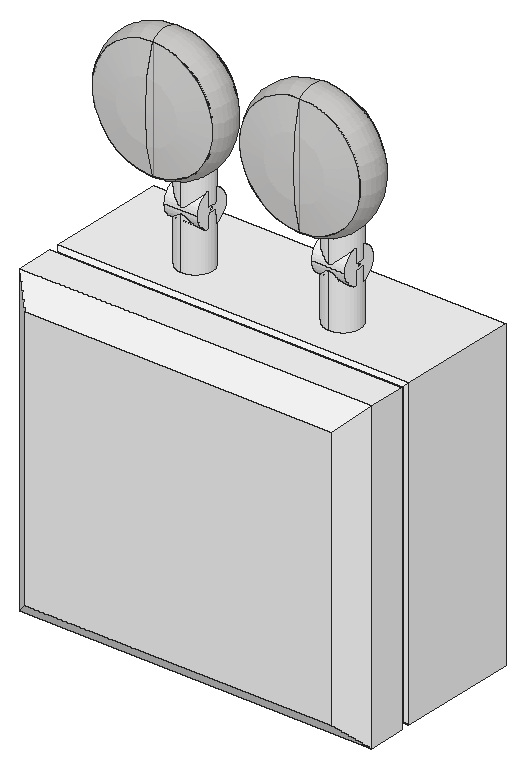
Revit family "CU2W", category Lighting Fixtures, host Face, Revit 2021
Family settings
  Host = Face
  Round Connector Dimension = Use Diameter
  Part Type = Normal
  OmniClass Number = 23.80.70.11.11
  OmniClass Title = General Luminaries, Non Directional
  Cut with Voids When Loaded = No
  Light Source = No
  Shared = No
  Room Calculation Point = No
Parameters (values of type "CU2W")
  Wattage Comments = "2.7W"
  Warranty = "2 year full unit warranty"
  URL = "https://www.currentlighting.com/compass"
  Type Comments = "Light Fixture"  # constant formula
  Steel = Metal-Galvanized_Steel
  Product Page URL = ""
  Product Doucumentation Link = ""
  Model = "CU2W"
  Manufacturer = "Compass Products "  # constant formula
  Lamp = "LED"
  Certification = "UL924 Damp Listed, NFPA 101 and NFPA 70"
  Glass = Glass - White
  Features = "\t LED life-cycle of more than 10 years\r\n•\t Quick installation\r\n•\t Dual-voltage 120 or 277V AC input\r\n•\t Includes long-life 9.6VDC Nickel Cadmium battery\r\nfor UL recognized 90 minute operation\r\n•\t Remote capacity or extended runtime option\r\n•\t Wet Location Listed (0°C to 50°C)\r\n•\t Fully adjustable lamp-heads\r\n•\t Provided with water-proof test switch and\r\nAC-On indicator"  # constant formula
  Description = "Emergency lighting fixture combining LED performance and value with a compact and attractive wet location LED based emergency light."
  Default Elevation = 48.00"
  Copyrights = "© Compass Lighting"
  Contact Us = ""
  Body = Paint -  Matte White
  Apparent Load = 2.7 VA
Reference planes (in)
  plane 1 "Center (Front/Back)": y = 0
  plane 2: z = 0
  plane 3 "Center (Left/Right)": x = 0
  plane 4: x = -4
  plane 5: x = 4
  plane 6: y = 2.3
  plane 7: y = -2.3
  plane 8: z = 12.2
Forms (in)
  Extrusion 1, solid, material "Paint -  Matte White" <- "Body"
    sketch origin (0, 0, 0) x (1, 0, 0) y (0, 1, 0)
      loop
        line (-4, 2.3) -> (-4, -2.3) -> (4, -2.3) -> (4, 2.3) -> (-4, 2.3)
    from 0 to 6.97662
  Sweep 2, void
    path in 3D
      loop
        line (4, -2.3, 6.97662) -> (4, -2.3, 0) -> (-4, -2.3, 0) -> (-4, -2.3, 6.97662) -> (4, -2.3, 6.97662)
    profile origin (0, -2.3, 6.97662) x (0, 1, 0) y (0, 0, 1)
      loop
        line (0, 0) -> (0, -0.5) -> (0.5, 0) -> (0, 0)
      loop
        line (1.35243, 0) -> (1.4297, -0.07727) -> (1.49423, -0.07727) -> (1.5715, 0) -> (1.35243, 0)
      loop
        line (4.61175, 0) -> (4.31898, 0) -> (4.61175, -0.29277) -> (4.61175, 0)
Cuts and joins
  Sweep 2 cuts Extrusion 1
Lines and regions (in)
  sketch lines
    curve 1: line (-4, -2.3, 6.97662) -> (4, -2.3, 6.97662)
    curve 2: line (4, -2.3, 6.97662) -> (4, -2.3, 0)
    curve 3: line (4, -2.3, 0) -> (-4, -2.3, 0)
    curve 4: line (-4, -2.3, 6.97662) -> (-4, -2.3, 0)
Dimensions and locks (in)
  plane 8 to level = 12.20"
  plane 6 to plane 7 = 4.60"
  plane 7 to plane 6 = 4.60"
  aligned and locked: plane 2 to host face
  aligned and locked: level to host face
Nested families (in)
  nested 1: "Family1" at (-1.68691, 0.29741, 6.92165), type "Family1"
  nested 2: "Family1" at (1.68691, 0.29741, 6.94367) x (-1, 0, 0) z (0, 0, 1), type "Family1"
Connectors (in)
  electrical at (0, 0.91087, 0)
    settings: on cut or joined group of Extrusion 1, Sweep 2, index 1, voltage 120 V, apparent load 2.7 VA, apparent load phase1 0 VA, apparent load phase2 0 VA, apparent load phase3 0 VA, power factor 1, load classification "Other", number of poles 1, system type 30, power factor state 1, is connector primary yes, connector utility no, sub classification motor no, connector description "Lighting Connector"
Definition of nested family "Family1"
  Parameters
    Wattage = 9.2903 W
    built-in parameter 1150110 = 1 (stored number, unit not read)
    built-in parameter 1114217 = 1 (stored number, unit not read)
    Tilt Angle = 0.00°
    built-in parameter 1150109 = 1 (stored number, unit not read)
    built-in parameter 1150134 = 3
    built-in parameter 1150113 = 1 (stored number, unit not read)
    Steel = none
    Photometric Web File = "CU2W.ies"
    built-in parameter 1150105 = 28396.2 (stored number, unit not read)
    Lumens = 1380 lm
    built-in parameter 1150115 = 1 (stored number, unit not read)
    built-in parameter 1150137 = (empty or 0)
    built-in parameter 1150139 = (empty or 0)
    built-in parameter 1150112 = 1 (stored number, unit not read)
    built-in parameter 1150114 = 1 (stored number, unit not read)
    built-in parameter 1150132 = (empty or 0)
    built-in parameter 1150102 = (empty or 0)
    built-in parameter 1150107 = 3200 (stored number, unit not read)
    built-in parameter 1150138 = (empty or 0)
    built-in parameter 1150106 = 283.96 (stored number, unit not read)
    Glass = none
    built-in parameter 1150104 = 13.8 (stored number, unit not read)
    Dimming Lamp Color Temperature Shift = (empty or 0)
    Default Elevation = 48.00"
    Color Filter = 16777215
    Body = none
    built-in parameter 1114218 = 1 (stored number, unit not read)
    built-in parameter 1150133 = 10 (stored number, unit not read)
  Reference planes (in)
    plane 1 "Center (Front/Back)": y = 0
    plane 2: z = 0
    plane 3 "Center (Left/Right)": x = 0
  Forms (in)
    Extrusion 1, solid
      sketch origin (0, 0, 0) x (1, 0, 0) y (0, 1, 0)
        loop
          line (-48, 48) -> (-48, -48) -> (48, -48) -> (48, 48) -> (-48, 48)
      from 0 to -12
    Revolve 2, solid, material <- "Steel"
      sketch origin (0.00746, 1.18303, 3.73485) x (0, 0, 1) y (0, -1, 0)
        loop
          arc (-1.37379, 2.40407) -> (-1.51046, 2.02907) -> (-1.37379, 1.65407) r 0.58282
          arc (-1.37379, 1.65407) -> (-0.75563, 1.12511) -> (0, 0.82354) r 2.49103
          line (0, 0.82354) -> (0, 2.40407) -> (-1.37379, 2.40407)
        axis (0, 2.40407) -> (0, 0.82354)
      angle from 0 to 360
    Revolve 3, solid, material <- "Glass"
      sketch origin (0.00746, 1.18303, 3.73485) x (0, 0, 1) y (0, -1, 0)
        loop
          line (0, 2.40407) -> (0, 2.6)
          arc (0, 2.6) -> (-0.69581, 2.56058) -> (-1.37493, 2.40407) r 4.10653
          line (-1.37493, 2.40407) -> (0, 2.40407)
        axis (0, 2.6) -> (0, 2.40407)
      angle from 0 to 360
    Revolve 4, solid, material <- "Body"
      sketch origin (0.00746, -0.02325, -1.47144) x (0, 1, 0) y (0, 0, 1)
        loop
          arc (-0.39452, 1.37492) -> (-0.19852, 1.43113) -> (0, 1.47769) r 4.17071
          line (0, 1.47769) -> (0, 2.39836)
          arc (0, 2.39836) -> (-0.25967, 2.48596) -> (-0.39452, 2.72453) r 0.38342
          line (-0.39452, 2.72453) -> (-0.39452, 1.37492)
        axis (0, 2.72453) -> (0, 1.37492)
      angle from 0 to 360
    Extrusion 5, solid, material <- "Body"
      sketch origin (0.00746, -0.02325, -1.47144) x (0, 1, 0) y (0, 0, 1)
        loop
          circle (0, 2.79049) r 0.4
        loop
          circle (0, 2.79049) r 0.04727
      from -0.37955 to 0.38293
    Revolve 6, solid, material <- "Body"
      sketch origin (0.00746, -0.02325, 0.34389) x (0, 1, 0) y (0, 0, 1)
        loop
          arc (-0.39452, 1.04113) -> (-0.25847, 1.28044) -> (0, 1.37516) r 0.4
          line (0, 1.37516) -> (0, 3.4479) -> (-0.39452, 3.4479) -> (-0.39452, 1.04113)
        axis (0, 3.4479) -> (0, 1.04113)
      angle from 0 to 360
  Dimensions and locks (in)
    aligned and locked: plane 2 to Extrusion 1
    aligned and locked: level to Extrusion 1
